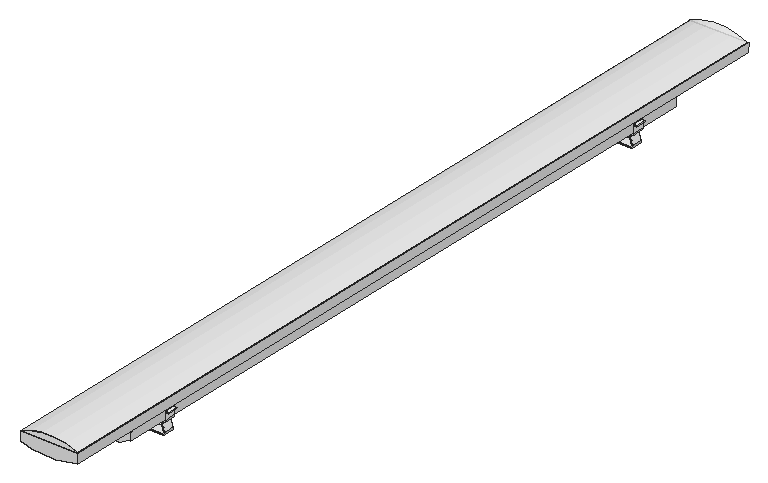
Revit family "Lighting-Industriale-GEWISS-SMART[3]-PLAFONIERA-LED_TRASPARENTE_1600mm", category Apparecchi per illuminazione, host Superficie, Revit 2019
Family settings
  Host = Superficie
  Quota connettore circolare = Usa diametro
  Tipo di parte = Normale
  Taglio con vuoti quando caricato = No
  Sorgente d'illuminazione = No
  Condiviso = No
  Punto di calcolo locali = Sì
Parameters (values of type "GWS3158TD - SMART3 LED 1600 1X58 TRASPAR.DALI")
  Versione file RFA = "20.11"
  URL = "https://www.gewiss.com/it/it"
  Tipologia sorgente luminosa = "LED - Non sostituibile"
  Tipologia = "DALI"
  Tipo alimentatore = "Driver Led in corrente continua"
  Tensione = "220/240 V - 50/60 Hz - Dali"
  Temperatura di utilizzo = "-30 +50 °C"
  Temperatura di funzionamento = "-25 +50 °C"
  Temperatura di colore: = "4000 K (CRI 80)"
  Temperatura di colore = "4000 K (CRI 80)"
  Struttura = GEWISS - SMART 3 - GRIGIO
  Stampa 1_200 = no
  Stampa 1_100 = not(Stampa 1_200)  # yes
  Spostamento_Y_etichetta [instance] = 0 mm
  Spostamento_Y_effettivo_etichetta [instance] = 1500 mm - Spostamento_Y_etichetta  # 1500 mm
  Spostamento_X_etichetta [instance] = 0 mm
  Spostamento_X_effettivo_etichetta [instance] = 1500 mm - Spostamento_X_etichetta  # 1500 mm
  Schermo- = Gewiss - Led Acceso
  Schermo = "Trasparente"
  Scheda Tecnica = "https://www.gewiss.com/it/it/search?q=GWS3158TD"
  SEO = "Plafoniera"
  Resistenza agli urti = "IK08"
  Default Elevation = 1219.2 mm
  Produttore = "GEWISS S.p.A."
  Potenza di sistema = "26W"
  Peso (kg): = "2,5"
  NÂ° LED (#) = "72"
  Modello = "GWS3158TD"
  Lunghezza Lampada = 1600 mm  # constant formula
  Lunghezza = "1600 mm"
  Lumen output (lm) = "3400"
  Lampada: = "LED"
  Lampada = "LED"
  LED LifeTime (L80B20) = "85000H"
  LED Life time (L90B50) = "50000H"
  LED Life time (L80B50) = "100000H"
  LED Life time (L70) = "80000H"
  Immagine tipo = GWS3158T.jpg
  IFC.TypeObject = ""
  IFC.ExportType = ""
  IFC.ExportAs = ""
  IDT = "fad509ce-101b-4a7a-befe-b015b7d6ede8"
  IDF = "ec075b24-a116-4a18-9c14-fe6cdf187fcb"
  Grado di protezione = "IP66/IP69"
  Glow Wire Test = "850°C"
  Garanzia = "5 anni"
  Ganci = GEWISS  - ALLUMINIO
  Flusso nominale (lm) = "3700"
  Failure rate apparecchio (50.000h, Tq=25Â° C) = "<2,5%"
  Failure rate apparecchio (35.000h, Tq=35Â° C) = "<2,5%"
  Descrizione = "SMART3 1600 72LED 27W TRASPARENTE DALI 4000K"
  Creato da GEWISS S.p.A. = ""
  Codice Electrocod = "2434"
  Codice EAN = "8011564869141"
  Classe isolamento = "II"
  Classe di efficienza LED integrati = "A ÷ A++"
  Catalogo Serie = "SMART [3]"
  Catalogo = "LIGHTING"
  COBie.Tagnumber = ""
  COBie.CreatedOn = ""
  COBie.CreatebBy = ""
  COBie.ComponentRegisterItemID = ""
  COBie.Component.TagNumber = ""
  COBie.Component.Space = ""
  COBie.Component.SerialNumber = ""
  COBie.Component.InstallationDate = ""
  COBie.Component.Description = ""
  COBie.Component.BarCode = ""
  Applicazione = "Interno"
  Apparecchio a ridotta temperatura superficiale = "Conforme"
Types (17, lengths in mm): name | Tipologia | Tensione | Temperatura di colore: | Temperatura di colore | Schermo | Scheda Tecnica | Potenza di sistema | NÂ° LED (#) | Modello | Lumen output (lm) | IDT | Flusso nominale (lm) | Descrizione | Codice EAN
  (no name) | "DALI" | "220/240 V - 50/60 Hz - Dali" | "4000 K (CRI 80)" | "4000 K (CRI 80)" | "Trasparente" | "https://www.gewiss.com/it/it/search?q=GWS3158TD" | "26W" | "72" | "GWS3158TD" | "3400" | "fad509ce-101b-4a7a-befe-b015b7d6ede8" | "3700" | "SMART3 1600 72LED 27W TRASPARENTE DALI 4000K" | "8011564869141"
  GWS3158T - SMART3 LED 1600 1X58 TRASPAR. | "Stand alone" | "220/240 V - 50/60 Hz - Stand alone" | "4000 K (CRI 80)" | "4000 K (CRI 80)" | "Trasparente" | "https://www.gewiss.com/it/it/search?q=GWS3158T" | "26W" | "72" | "GWS3158T" | "3400" | "066f2335-f03f-4af7-bbdf-75d64e2a9c04" | "3700" | "SMART3 1600 72LED 26W TRASPARENTE 4000K" | "8011564857483"
  GWS3258T - SMART3 LED 1600 2X58 TRASPAR. | "Stand alone" | "220/240 V - 50/60 Hz - Stand alone" | "4000 K (CRI 80)" | "4000 K (CRI 80)" | "Trasparente" | "https://www.gewiss.com/it/it/search?q=GWS3258T" | "50W" | "84" | "GWS3258T" | "6500" | "4cdd0241-d215-4c1f-815a-b1c93386de50" | "6900" | "SMART3 1600 84LED 53W TRASPARENTE 4000K" | "8011564857513"
  GWS3258T30K - SMART3 LED 1600 2X58 TRASPAR.30K | "Stand alone" | "220/240 V - 50/60 Hz - Stand alone" | "3000 K (CRI 80)" | "3000 K (CRI 80)" | "Trasparente" | "https://www.gewiss.com/it/it/search?q=GWS3258T30K" | "50W" | "84" | "GWS3258T30K" | "6100" | "325b5c50-224b-4738-9fc0-25ba087131e3" | "6600" | "SMART3 1600 84LED 53W TRASPARENTE 3000K" | "8011564872561"
  GWS3258T57K - SMART3 LED 1600 2X58 TRASPAR.57K | "Stand alone" | "220/240 V - 50/60 Hz - Stand alone" | "5700 K (CRI 80)" | "5700 K (CRI 80)" | "Trasparente" | "https://www.gewiss.com/it/it/search?q=GWS3258T57K" | "50W" | "84" | "GWS3258T57K" | "6500" | "7db086ec-b3f1-4ab7-9915-efee839ad275" | "6900" | "SMART3 1600 84LED 53W TRASPARENTE 5700K" | "8011564872363"
  GWS3158TD - SMART3 LED 1600 1X58 TRASPAR.DALI | "DALI" | "220/240 V - 50/60 Hz - Dali" | "4000 K (CRI 80)" | "4000 K (CRI 80)" | "Trasparente" | "https://www.gewiss.com/it/it/search?q=GWS3158TD" | "26W" | "72" | "GWS3158TD" | "3400" | "fad509ce-101b-4a7a-befe-b015b7d6ede8" | "3700" | "SMART3 1600 72LED 27W TRASPARENTE DALI 4000K" | "8011564869141"
  GWS3158TL - SMART3 LED 1600 1X58 TRASPAR.LP | "Stand alone" | "220/240 V - 50/60 Hz - Stand alone" | "4000 K (CRI 80)" | "4000 K (CRI 80)" | "Trasparente" | "https://www.gewiss.com/it/it/search?q=GWS3158TL" | "26W" | "72" | "GWS3158TL" | "3400" | "ad557d36-df4f-4932-8f10-348deb7834fc" | "3700" | "SMART3 1600 72LED 26W TRASPARENTE CABLAGGIO PASSANTE 4000K" | "8011564876026"
  GWS3158TLD - SMART3 LED 1600 1X58 TRASPAR.DALI LP | "DALI" | "220/240 V - 50/60 Hz - Dali" | "4000 K (CRI 80)" | "4000 K (CRI 80)" | "Trasparente" | "https://www.gewiss.com/it/it/search?q=GWS3158TLD" | "26W" | "72" | "GWS3158TLD" | "3400" | "b052bf06-4341-4e81-a7b7-08e227eebc87" | "3700" | "SMART3 1600 72LED 27W TRASPARENTE CABLAGGIO PASSANTE DALI 4000K" | "8011564876996"
  GWS3258TD - SMART3 LED 1600 2X58 TRASPAR.DALI | "DALI" | "220/240 V - 50/60 Hz - Dali" | "4000 K (CRI 80)" | "4000 K (CRI 80)" | "Trasparente" | "https://www.gewiss.com/it/it/search?q=GWS3258TD" | "50W" | "84" | "GWS3258TD" | "6500" | "c13bb367-a2a7-4ade-ab3f-f5a6ac8cc10a" | "6900" | "SMART3 1600 84LED 55W TRASPARENTE DALI 4000K" | "8011564869172"
  GWS3258TD30K - SMART3 LED 1600 2X58 TRASPAR.DALI 30K | "DALI" | "220/240 V - 50/60 Hz - Dali" | "3000 K (CRI 80)" | "3000 K (CRI 80)" | "Trasparente" | "https://www.gewiss.com/it/it/search?q=GWS3258TD30K" | "50W" | "84" | "GWS3258TD30K" | "6100" | "81e36b92-3e98-4a8c-a723-41ede1d4d4c9" | "6600" | "SMART3 1600 84LED 55W TRASPARENTE DALI 3000K" | "8011564877214"
  GWS3258TD57K - SMART3 LED 1600 2X58 TRASPAR.DALI 57K | "DALI" | "220/240 V - 50/60 Hz - Dali" | "5700 K (CRI 80)" | "5700 K (CRI 80)" | "Trasparente" | "https://www.gewiss.com/it/it/search?q=GWS3258TD57K" | "50W" | "84" | "GWS3258TD57K" | "6500" | "8edf0d01-1cf1-4794-9f7b-07d2761047a4" | "6900" | "SMART3 1600 84LED 55W TRASPARENTE DALI 5700K" | "8011564877221"
  GWS3258TL - SMART3 LED 1600 2X58 TRASPAR.LP | "Stand alone" | "220/240 V - 50/60 Hz - Stand alone" | "4000 K (CRI 80)" | "4000 K (CRI 80)" | "Trasparente con cablaggio passante" | "https://www.gewiss.com/it/it/search?q=GWS3258TL" | "50W" | "84" | "GWS3258TL" | "6500" | "279edb7b-9f48-4b9a-a033-1cee137432b9" | "6900" | "SMART3 1600 84LED 53W TRASPARENTE CABLAGGIO PASSANTE 4000K" | "8011564876019"
  GWS3258TL30K - SMART3 LED 1600 2X58 TRASPAR.30K LP | "Stand alone" | "220/240 V - 50/60 Hz - Stand alone" | "3000 K (CRI 80)" | "3000 K (CRI 80)" | "Trasparente con cablaggio passante" | "https://www.gewiss.com/it/it/search?q=GWS3258TL30K" | "50W" | "84" | "GWS3258TL30K" | "6100" | "c5678d03-0c39-4ed2-aa1d-db6966d7895c" | "6600" | "SMART3 1600 84LED 53W TRASPARENTE CABLAGGIO PASSANTE 3000K" | "8011564877238"
  GWS3258TL57K - SMART3 LED 1600 2X58 TRASPAR.57K LP | "Stand alone" | "220/240 V - 50/60 Hz - Stand alone" | "5700 K (CRI 80)" | "5700 K (CRI 80)" | "Trasparente con cablaggio passante" | "https://www.gewiss.com/it/it/search?q=GWS3258TL57K" | "50W" | "84" | "GWS3258TL57K" | "6500" | "29417524-0e1e-449e-bbc7-dee1226abf64" | "6900" | "SMART3 1600 84LED 53W TRASPARENTE CABLAGGIO PASSANTE 5700K" | "8011564877245"
  GWS3258TLD - SMART3 LED 1600 2X58 TRASPAR.DALI LP | "DALI" | "220/240 V - 50/60 Hz - Dali" | "4000 K (CRI 80)" | "4000 K (CRI 80)" | "Trasparente" | "https://www.gewiss.com/it/it/search?q=GWS3258TLD" | "50W" | "84" | "GWS3258TLD" | "6500" | "ea1d6a33-a2cf-45e2-a91b-37e897663626" | "6900" | "SMART3 1600 84LED 55W TRASPARENTE CABLAGGIO PASSANTE DALI 4000K" | "8011564877252"
  GWS3258TLD30K - SMART3 LED 1600 2X58 TRASPAR.DALI 30K LP | "DALI" | "220/240 V - 50/60 Hz - Dali" | "3000 K (CRI 80)" | "3000 K (CRI 80)" | "Trasparente" | "https://www.gewiss.com/it/it/search?q=GWS3258TLD30K" | "50W" | "84" | "GWS3258TLD30K" | "6100" | "729ccefa-5ef9-4419-9430-5e5af7bd8625" | "6600" | "SMART3 1600 84LED 55W TRASPARENTE CABLAGGIO PASSANTE DALI 3000K" | "8011564877269"
  GWS3258TLD57K - SMART3 LED 1600 2X58 TRASPAR.DALI 57K LP | "DALI" | "220/240 V - 50/60 Hz - Dali" | "5700 K (CRI 80)" | "5700 K (CRI 80)" | "Trasparente" | "https://www.gewiss.com/it/it/search?q=GWS3258TLD57K" | "50W" | "84" | "GWS3258TLD57K" | "6500" | "26c707b7-8614-495c-95ca-304ffab4d2c7" | "6900" | "SMART3 1600 84LED 55W TRASPARENTE CABLAGGIO PASSANTE DALI 5700K" | "8011564877276"
Reference planes
  plane 1 "Centro (Fronte/Retro)": y = 0
  plane 2: z = 0
  plane 3 "Centro (Sinistra/Destra)": x = 0
  plane 4: x = -1500
  plane 5: y = -1500
  plane 6: x = 0
  plane 7: y = 0
Forms (mm)
  Extrusion 1, solid, material "GEWISS  - ALLUMINIO" <- "Ganci", detail levels medium+fine
    sketch origin (0, 0, 0) x (1, 0, 0) y (0, 0, 1)
      loop
        arc (31.431, -0.002) -> (34.576, 1.589) -> (35.156, 5.066) r 3.903
        line (35.156, 5.066) -> (29.612, 23.211)
        arc (29.612, 23.211) -> (29.883, 24.381) -> (31.032, 24.73) r 1.2
        line (31.032, 24.73) -> (34.307, 23.974)
        arc (34.307, 23.974) -> (36.765, 24.53) -> (37.859, 26.8) r 2.9
        line (37.859, 26.8) -> (37.859, 38.8)
        arc (37.859, 38.8) -> (37.648, 39.694) -> (37.059, 40.4) r 2
        line (37.059, 40.4) -> (37.059, 42.71) -> (42.861, 40.598) -> (43.203, 41.538) -> (37.53, 43.603)
        arc (37.53, 43.603) -> (37.019, 43.613) -> (36.605, 43.311) r 0.8
        line (36.605, 43.311) -> (36.306, 26.139)
        arc (36.306, 26.139) -> (35.6, 25.444) -> (34.616, 25.34) r 1.5
        line (34.616, 25.34) -> (31.344, 26.095)
        arc (31.344, 26.095) -> (28.858, 25.335) -> (28.273, 22.802) r 2.6
        line (28.273, 22.802) -> (33.827, 4.636)
        arc (33.827, 4.636) -> (33.449, 2.415) -> (31.438, 1.4) r 2.5
        line (31.438, 1.4) -> (-31.437, 1.4)
        arc (-31.437, 1.4) -> (-33.449, 2.415) -> (-33.827, 4.636) r 2.5
        line (-33.827, 4.636) -> (-28.273, 22.802)
        arc (-28.273, 22.802) -> (-28.858, 25.335) -> (-31.344, 26.095) r 2.6
        line (-31.344, 26.095) -> (-34.616, 25.34)
        arc (-34.616, 25.34) -> (-35.6, 25.444) -> (-36.306, 26.139) r 1.5
        line (-36.306, 26.139) -> (-36.605, 43.311)
        arc (-36.605, 43.311) -> (-37.019, 43.613) -> (-37.53, 43.603) r 0.8
        line (-37.53, 43.603) -> (-43.203, 41.538) -> (-42.861, 40.598) -> (-37.059, 42.71) -> (-37.059, 40.4)
        arc (-37.059, 40.4) -> (-37.648, 39.694) -> (-37.859, 38.8) r 2
        line (-37.859, 38.8) -> (-37.859, 26.8)
        arc (-37.859, 26.8) -> (-36.765, 24.53) -> (-34.307, 23.974) r 2.9
        line (-34.307, 23.974) -> (-31.032, 24.73)
        arc (-31.032, 24.73) -> (-29.883, 24.381) -> (-29.612, 23.211) r 1.2
        line (-29.612, 23.211) -> (-35.156, 5.066)
        arc (-35.156, 5.066) -> (-34.576, 1.589) -> (-31.431, -0.002) r 3.903
        line (-31.431, -0.002) -> (31.431, -0.002)
    from 548.766 to 568.766
  Extrusion 2, solid, material "GEWISS  - ALLUMINIO" <- "Ganci", detail levels medium+fine
    sketch origin (0, 0, 0) x (1, 0, 0) y (0, 0, -1)
      loop
        line (31.431, 0.002) -> (-31.431, 0.002)
        arc (-31.431, 0.002) -> (-34.576, -1.589) -> (-35.156, -5.066) r 3.903
        line (-35.156, -5.066) -> (-29.612, -23.211)
        arc (-29.612, -23.211) -> (-29.883, -24.381) -> (-31.032, -24.73) r 1.2
        line (-31.032, -24.73) -> (-34.307, -23.974)
        arc (-34.307, -23.974) -> (-36.765, -24.53) -> (-37.859, -26.8) r 2.9
        line (-37.859, -26.8) -> (-37.859, -38.8)
        arc (-37.859, -38.8) -> (-37.648, -39.694) -> (-37.059, -40.4) r 2
        line (-37.059, -40.4) -> (-37.059, -42.71) -> (-42.861, -40.598) -> (-43.203, -41.538) -> (-37.53, -43.603)
        arc (-37.53, -43.603) -> (-37.019, -43.613) -> (-36.605, -43.311) r 0.8
        line (-36.605, -43.311) -> (-36.306, -26.139)
        arc (-36.306, -26.139) -> (-35.6, -25.444) -> (-34.616, -25.34) r 1.5
        line (-34.616, -25.34) -> (-31.344, -26.095)
        arc (-31.344, -26.095) -> (-28.858, -25.335) -> (-28.273, -22.802) r 2.6
        line (-28.273, -22.802) -> (-33.827, -4.636)
        arc (-33.827, -4.636) -> (-33.449, -2.415) -> (-31.437, -1.4) r 2.5
        line (-31.437, -1.4) -> (31.438, -1.4)
        arc (31.438, -1.4) -> (33.449, -2.415) -> (33.827, -4.636) r 2.5
        line (33.827, -4.636) -> (28.273, -22.802)
        arc (28.273, -22.802) -> (28.858, -25.335) -> (31.344, -26.095) r 2.6
        line (31.344, -26.095) -> (34.616, -25.34)
        arc (34.616, -25.34) -> (35.6, -25.444) -> (36.306, -26.139) r 1.5
        line (36.306, -26.139) -> (36.605, -43.311)
        arc (36.605, -43.311) -> (37.019, -43.613) -> (37.53, -43.603) r 0.8
        line (37.53, -43.603) -> (43.203, -41.538) -> (42.861, -40.598) -> (37.059, -42.71) -> (37.059, -40.4)
        arc (37.059, -40.4) -> (37.648, -39.694) -> (37.859, -38.8) r 2
        line (37.859, -38.8) -> (37.859, -26.8)
        arc (37.859, -26.8) -> (36.765, -24.53) -> (34.307, -23.974) r 2.9
        line (34.307, -23.974) -> (31.032, -24.73)
        arc (31.032, -24.73) -> (29.883, -24.381) -> (29.612, -23.211) r 1.2
        line (29.612, -23.211) -> (35.156, -5.066)
        arc (35.156, -5.066) -> (34.576, -1.589) -> (31.431, 0.002) r 3.903
    from 548.766 to 568.766
  Extrusion 3, solid, material "GEWISS - SMART 3 - GRIGIO" <- "Struttura", detail levels medium+fine
    sketch origin (0, 0, 0) x (1, 0, 0) y (0, 0, 1)
      loop
        line (-36.331, 55.757) -> (-35.847, 28.018)
        arc (-35.847, 28.018) -> (-33.139, 27.27) -> (-30.416, 26.58) r 129.5
        arc (-30.416, 26.58) -> (-28.066, 25.76) -> (-25.915, 24.506) r 13
        arc (-25.915, 24.506) -> (-24.23, 23.324) -> (-22.521, 22.178) r 99.5
        arc (-22.521, 22.178) -> (-16.401, 19.063) -> (-9.748, 17.365) r 31.146
        line (-9.748, 17.365) -> (12.491, 17.365)
        arc (12.491, 17.365) -> (17.822, 19.098) -> (22.764, 21.745) r 31.646
        arc (22.764, 21.745) -> (24.509, 22.915) -> (26.228, 24.122) r 100
        arc (26.228, 24.122) -> (28.283, 25.313) -> (30.525, 26.095) r 12.5
        arc (30.525, 26.095) -> (33.437, 26.834) -> (36.332, 27.64) r 130
        line (36.332, 27.64) -> (36.824, 55.851)
        arc (36.824, 55.851) -> (24.914, 53.937) -> (12.909, 52.764) r 195.047
        line (12.909, 52.764) -> (-12.909, 52.764)
        arc (-12.909, 52.764) -> (-24.665, 53.905) -> (-36.331, 55.757) r 195.047
    from -650 to 650
  Extrusion 4, solid, material "GEWISS - SMART 3 - GRIGIO" <- "Struttura", detail levels medium+fine
    sketch origin (0, 0, 0) x (1, 0, 0) y (0, 0, 1)
      loop
        line (54.725, 60.184) -> (55.177, 77.445) -> (-55.177, 77.445) -> (-54.725, 60.184)
        arc (-54.725, 60.184) -> (-34.019, 55.332) -> (-12.909, 52.764) r 195.047
        line (-12.909, 52.764) -> (12.909, 52.764)
        arc (12.909, 52.764) -> (34.019, 55.332) -> (54.725, 60.184) r 195.047
    from -800 to 800
  Extrusion 5, solid, material "Gewiss - Led Acceso" <- "Schermo-", detail levels medium+fine
    sketch origin (0, 0, 0) x (1, 0, 0) y (0, 0, 1)
      loop
        arc (54.697, 78.441) -> (-0.014, 90.457) -> (-54.723, 78.429) r 130.5
        arc (-54.723, 78.429) -> (-54.988, 77.838) -> (-54.5, 77.445) r 0.5
        line (-54.5, 77.445) -> (54.479, 77.445)
        arc (54.479, 77.445) -> (54.988, 77.855) -> (54.697, 78.441) r 0.522
    from -800 to 800
  Extrusion 6, solid, material "GEWISS - SMART 3 - GRIGIO" <- "Struttura", detail levels medium
    sketch origin (0, 0, 0) x (1, 0, 0) y (0, 0, 1)
      loop
        line (-54.5, 90.439) -> (-54.5, 0) -> (54.5, 0) -> (54.5, 90.439) -> (-54.5, 90.439)
    from -800 to 800
Lines and regions (mm)
  Masking region 1
    outline origin (0, 0, 0) x (1, 0, 0) y (0, 1, 0)
      loop
        line (-55.177, 800) -> (-55.177, -800) -> (55.177, -800) -> (55.177, 800) -> (-55.177, 800)
  model lines, style "GEWISS - LIGHT 2D", detail levels coarse
    curve 1: arc (-52.678, 800, 0) -> (-54.446, 799.268, 0) -> (-55.178, 797.5, 0) r 2.5
    curve 2: line (55.176, 800, 0) -> (-52.678, 800, 0)
    curve 3: line (-55.178, -188.779, 0) -> (55.176, -188.779, 0)
    curve 4: line (55.176, -188.779, 0) -> (55.176, 800, 0)
    curve 5: line (-55.178, -188.779, 0) -> (-55.178, 797.5, 0)
    curve 6: line (0, 575.964, 0) -> (0, -157.815, 0)
    curve 253: arc (-52.678, -188.779, 0) -> (-54.446, -188.047, 0) -> (-55.178, -186.279, 0) r 2.5
  model lines, style "GEWISS - LIGHT 2D", not visible, detail levels medium+fine
    curve 7: arc (599.156, 237.359, 0) -> (604.568, 231.947, 0) -> (609.98, 237.359, 0) r 5.412
    curve 12: arc (581.804, 237.359, 0) -> (582.83, 230.601, 0) -> (585.816, 224.453, 0) r 22.764
    curve 13: arc (623.32, 224.453, 0) -> (626.306, 230.601, 0) -> (627.332, 237.359, 0) r 22.764
    curve 14: arc (609.98, -154.35, 0) -> (604.568, -148.937, 0) -> (599.156, -154.35, 0) r 5.412
    curve 20: arc (585.816, -141.444, 0) -> (582.83, -147.592, 0) -> (581.804, -154.35, 0) r 22.764
    curve 21: arc (627.332, -154.35, 0) -> (626.306, -147.592, 0) -> (623.32, -141.444, 0) r 22.764
    curve 28: line (581.804, 248.502, 0) -> (581.804, 237.359, 0)
    curve 29: line (581.804, 237.359, 0) -> (599.156, 237.359, 0)
    curve 30: line (599.156, 237.359, 0) -> (599.156, 248.502, 0)
    curve 31: line (599.156, 256.809, 0) -> (599.156, 262.193, 0)
    curve 32: line (609.98, 248.502, 0) -> (609.98, 237.359, 0)
    curve 33: line (609.98, 237.359, 0) -> (627.332, 237.359, 0)
    curve 34: line (627.332, 237.359, 0) -> (627.332, 248.502, 0)
    curve 45: line (581.804, -154.35, 0) -> (581.804, -165.498, 0)
    curve 46: line (581.804, -165.498, 0) -> (581.804, -154.35, 0)
    curve 47: line (581.804, -154.35, 0) -> (599.156, -154.35, 0)
    curve 48: line (599.156, -154.35, 0) -> (599.156, -165.498, 0)
    curve 49: line (609.98, -165.498, 0) -> (609.98, -154.35, 0)
    curve 50: line (609.98, -154.35, 0) -> (627.332, -154.35, 0)
    curve 51: line (627.332, -154.35, 0) -> (627.332, -165.498, 0)
    curve 52: line (627.332, -165.498, 0) -> (627.332, -154.35, 0)
    curve 53: line (609.98, -179.249, 0) -> (609.98, -173.749, 0)
    curve 56: line (599.156, -179.191, 0) -> (599.156, -173.807, 0)
    curve 100: circle (617.836, 259.501, 0) r 1.5 normal (0, 0, 1)
    curve 101: circle (591.836, 259.501, 0) r 1.5 normal (0, 0, 1)
    curve 102: arc (610.218, 256.751, 0) -> (612.968, 259.501, 0) -> (610.218, 262.251, 0) r 2.75
    curve 103: arc (599.718, 262.251, 0) -> (596.968, 259.501, 0) -> (599.718, 256.751, 0) r 2.75
    curve 108: circle (617.836, -176.499, 0) r 1.5 normal (0, 0, 1)
    curve 109: circle (591.836, -176.499, 0) r 1.5 normal (0, 0, 1)
    curve 110: arc (610.218, -179.249, 0) -> (612.968, -176.499, 0) -> (610.218, -173.749, 0) r 2.75
    curve 111: arc (599.718, -173.749, 0) -> (596.968, -176.499, 0) -> (599.718, -179.249, 0) r 2.75
    curve 190: line (599.718, 262.251, 0) -> (610.218, 262.251, 0)
    curve 191: line (599.718, 256.751, 0) -> (610.218, 256.751, 0)
    curve 200: line (599.718, -173.749, 0) -> (610.218, -173.749, 0)
    curve 201: line (599.718, -179.249, 0) -> (610.218, -179.249, 0)
    curve 220: line (604.568, 230.323, 0) -> (604.568, 244.394, 0)
    curve 221: line (611.603, 237.359, 0) -> (597.532, 237.359, 0)
    curve 222: line (604.568, -161.385, 0) -> (604.568, -147.314, 0)
    curve 223: line (611.603, -154.35, 0) -> (597.532, -154.35, 0)
    curve 229: line (617.836, 257.551, 0) -> (617.836, 261.451, 0)
    curve 230: line (619.786, 259.501, 0) -> (615.886, 259.501, 0)
    curve 231: line (591.836, 257.551, 0) -> (591.836, 261.451, 0)
    curve 232: line (593.786, 259.501, 0) -> (589.886, 259.501, 0)
    curve 233: line (603.293, 259.501, 0) -> (596.143, 259.501, 0)
    curve 234: line (610.218, 255.926, 0) -> (610.218, 263.076, 0)
    curve 235: line (613.793, 259.501, 0) -> (606.643, 259.501, 0)
    curve 236: line (617.836, -178.449, 0) -> (617.836, -174.549, 0)
    curve 237: line (619.786, -176.499, 0) -> (615.886, -176.499, 0)
    curve 238: line (591.836, -178.449, 0) -> (591.836, -174.549, 0)
    curve 239: line (593.786, -176.499, 0) -> (589.886, -176.499, 0)
    curve 240: line (599.718, -180.074, 0) -> (599.718, -172.924, 0)
    curve 241: line (603.293, -176.499, 0) -> (596.143, -176.499, 0)
    curve 242: line (610.218, -180.074, 0) -> (610.218, -172.924, 0)
    curve 243: line (613.793, -176.499, 0) -> (606.643, -176.499, 0)
    curve 244: arc (585.816, 224.453, 0) -> (604.568, 218.168, 0) -> (623.32, 224.453, 0) r 31.118
    curve 245: arc (623.32, -141.444, 0) -> (604.568, -135.159, 0) -> (585.816, -141.444, 0) r 31.118
  model lines, style "GEWISS - LIGHT 2D", not visible
    curve 8: arc (642.177, 315.223, 0) -> (641.755, 316.267, 0) -> (640.725, 316.723, 0) r 1.499
    curve 9: arc (640.726, -233.714, 0) -> (641.755, -233.258, 0) -> (642.177, -232.214, 0) r 1.499
    curve 10: arc (568.41, 316.723, 0) -> (567.381, 316.267, 0) -> (566.959, 315.223, 0) r 1.499
    curve 11: arc (566.959, -232.214, 0) -> (567.38, -233.258, 0) -> (568.409, -233.714, 0) r 1.499
    curve 22: line (568.41, 316.723, 0) -> (592.409, 317.119, 0)
    curve 23: line (592.409, 317.119, 0) -> (595.819, 317.196, 0)
    curve 24: line (595.819, 317.196, 0) -> (604.587, 317.348, 0)
    curve 25: line (604.587, 317.348, 0) -> (613.319, 317.196, 0)
    curve 26: line (613.319, 317.196, 0) -> (616.729, 317.119, 0)
    curve 27: line (616.729, 317.119, 0) -> (640.725, 316.723, 0)
    curve 35: line (568.409, -233.714, 0) -> (604.582, -234.348, 0)
    curve 36: line (604.582, -234.348, 0) -> (640.726, -233.714, 0)
    curve 37: line (642.177, -187.498, 0) -> (642.177, -232.214, 0)
    curve 38: line (642.177, 248.502, 0) -> (642.177, -165.498, 0)
    curve 39: line (642.177, 315.223, 0) -> (642.177, 270.502, 0)
    curve 40: line (566.959, 315.223, 0) -> (566.959, 270.502, 0)
    curve 41: line (566.959, 248.502, 0) -> (566.959, -165.498, 0)
    curve 42: line (566.959, -187.498, 0) -> (566.959, -232.214, 0)
    curve 43: line (604.549, -234.347, 0) -> (604.569, -233.348, 0)
    curve 44: line (604.569, -233.348, 0) -> (604.549, -234.347, 0)
    curve 54: line (609.989, -233.253, 0) -> (609.98, -232.753, 0)
    curve 55: line (609.98, -232.753, 0) -> (609.98, -187.498, 0)
    curve 57: line (599.147, -233.253, 0) -> (599.156, -232.753, 0)
    curve 58: line (599.156, -232.753, 0) -> (599.156, -187.498, 0)
    curve 59: line (604.568, -232.848, 0) -> (604.569, -233.348, 0)
    curve 60: line (604.569, -233.348, 0) -> (604.568, -232.848, 0)
    curve 75: arc (658.224, 441.447, 0) -> (657.902, 441.529, 0) -> (657.571, 441.558, 0) r 1.999
    curve 77: arc (659.744, 439.503, 0) -> (659.172, 440.906, 0) -> (657.781, 441.505, 0) r 1.998
    curve 78: arc (549.391, -356.494, 0) -> (549.963, -357.897, 0) -> (551.356, -358.495, 0) r 1.998
    curve 104: spline (648.539, 268.506, 0) -> (648.523, 268.767, 0) -> (648.475, 269.023, 0) -> (648.396, 269.27, 0) -> (648.287, 269.504, 0) -> (648.151, 269.721, 0) -> (647.989, 269.918, 0) -> (647.804, 270.09, 0) -> (647.599, 270.235, 0) -> (647.379, 270.35, 0) -> (647.146, 270.434, 0) -> (646.905, 270.485, 0) -> (646.66, 270.502, 0)
    curve 105: spline (646.66, 248.502, 0) -> (646.905, 248.519, 0) -> (647.146, 248.57, 0) -> (647.379, 248.654, 0) -> (647.599, 248.77, 0) -> (647.804, 248.916, 0) -> (647.989, 249.089, 0) -> (648.151, 249.286, 0) -> (648.287, 249.504, 0) -> (648.396, 249.739, 0) -> (648.475, 249.987, 0) -> (648.523, 250.245, 0) -> (648.539, 250.506, 0)
    curve 106: spline (561.397, 250.501, 0) -> (561.413, 250.24, 0) -> (561.461, 249.984, 0) -> (561.54, 249.736, 0) -> (561.648, 249.502, 0) -> (561.785, 249.284, 0) -> (561.947, 249.087, 0) -> (562.132, 248.915, 0) -> (562.336, 248.77, 0) -> (562.557, 248.654, 0) -> (562.79, 248.57, 0) -> (563.031, 248.519, 0) -> (563.276, 248.502, 0)
    curve 107: spline (563.276, 270.502, 0) -> (563.031, 270.485, 0) -> (562.79, 270.434, 0) -> (562.557, 270.35, 0) -> (562.336, 270.234, 0) -> (562.132, 270.089, 0) -> (561.947, 269.916, 0) -> (561.785, 269.72, 0) -> (561.648, 269.502, 0) -> (561.54, 269.267, 0) -> (561.461, 269.019, 0) -> (561.413, 268.763, 0) -> (561.397, 268.502, 0)
    curve 112: spline (648.539, -167.494, 0) -> (648.523, -167.233, 0) -> (648.475, -166.977, 0) -> (648.396, -166.73, 0) -> (648.287, -166.496, 0) -> (648.151, -166.279, 0) -> (647.989, -166.083, 0) -> (647.804, -165.911, 0) -> (647.599, -165.766, 0) -> (647.379, -165.65, 0) -> (647.146, -165.566, 0) -> (646.905, -165.515, 0) -> (646.66, -165.498, 0)
    curve 113: spline (646.66, -187.498, 0) -> (646.905, -187.481, 0) -> (647.146, -187.43, 0) -> (647.379, -187.346, 0) -> (647.599, -187.23, 0) -> (647.804, -187.084, 0) -> (647.989, -186.911, 0) -> (648.151, -186.714, 0) -> (648.287, -186.496, 0) -> (648.396, -186.261, 0) -> (648.475, -186.012, 0) -> (648.523, -185.755, 0) -> (648.539, -185.494, 0)
    curve 114: spline (561.397, -185.499, 0) -> (561.413, -185.76, 0) -> (561.461, -186.016, 0) -> (561.54, -186.264, 0) -> (561.648, -186.498, 0) -> (561.785, -186.716, 0) -> (561.947, -186.912, 0) -> (562.132, -187.085, 0) -> (562.336, -187.23, 0) -> (562.557, -187.346, 0) -> (562.79, -187.43, 0) -> (563.031, -187.481, 0) -> (563.276, -187.498, 0)
    curve 115: spline (563.276, -165.498, 0) -> (563.031, -165.516, 0) -> (562.79, -165.567, 0) -> (562.557, -165.651, 0) -> (562.336, -165.766, 0) -> (562.132, -165.912, 0) -> (561.947, -166.084, 0) -> (561.785, -166.281, 0) -> (561.648, -166.499, 0) -> (561.54, -166.733, 0) -> (561.461, -166.981, 0) -> (561.413, -167.238, 0) -> (561.397, -167.499, 0)
    curve 116: arc (657.245, -358.546, 0) -> (659.012, -357.814, 0) -> (659.745, -356.046, 0) r 2.5
    curve 117: arc (551.891, 441.558, 0) -> (550.123, 440.825, 0) -> (549.391, 439.058, 0) r 2.5
    curve 148: line (657.571, 441.558, 0) -> (604.567, 441.558, 0)
    curve 149: line (604.567, 441.558, 0) -> (551.891, 441.558, 0)
    curve 150: line (551.356, -358.495, 0) -> (604.568, -358.495, 0)
    curve 151: line (604.568, -358.495, 0) -> (657.245, -358.495, 0)
    curve 163: line (599.147, -233.253, 0) -> (604.569, -233.348, 0)
    curve 164: line (604.569, -233.348, 0) -> (609.989, -233.253, 0)
    curve 165: line (659.745, -356.046, 0) -> (659.745, 439.503, 0)
    curve 166: line (657.781, 441.505, 0) -> (604.567, 441.505, 0)
    curve 167: line (549.391, -356.494, 0) -> (549.391, 439.058, 0)
    curve 192: line (642.696, 270.501, 0) -> (642.427, 270.501, 0)
    curve 193: line (563.481, 270.502, 0) -> (563.276, 270.502, 0)
    curve 194: line (563.276, 270.502, 0) -> (646.454, 270.502, 0)
    curve 195: line (646.454, 270.502, 0) -> (646.66, 270.502, 0)
    curve 196: line (563.481, 248.502, 0) -> (563.276, 248.502, 0)
    curve 197: line (646.454, 248.502, 0) -> (646.66, 248.502, 0)
    curve 198: line (648.539, 250.506, 0) -> (648.539, 268.506, 0)
    curve 199: line (561.397, 250.501, 0) -> (561.397, 268.501, 0)
    curve 202: line (646.66, -165.498, 0) -> (646.454, -165.498, 0)
    curve 203: line (646.454, -165.498, 0) -> (642.696, -165.498, 0)
    curve 204: line (642.696, -165.498, 0) -> (642.427, -165.498, 0)
    curve 205: line (642.427, -165.498, 0) -> (639.905, -165.498, 0)
    curve 206: line (639.905, -165.498, 0) -> (636.805, -165.498, 0)
    curve 207: line (636.805, -165.498, 0) -> (573.13, -165.498, 0)
    curve 208: line (573.13, -165.498, 0) -> (570.031, -165.498, 0)
    curve 209: line (570.031, -165.498, 0) -> (567.508, -165.498, 0)
    curve 210: line (567.508, -165.498, 0) -> (567.24, -165.498, 0)
    curve 211: line (567.24, -165.498, 0) -> (563.481, -165.498, 0)
    curve 212: line (563.481, -165.498, 0) -> (563.276, -165.498, 0)
    curve 213: line (563.276, -187.498, 0) -> (563.481, -187.498, 0)
    curve 214: line (563.481, -187.498, 0) -> (646.454, -187.498, 0)
    curve 215: line (646.454, -187.498, 0) -> (646.66, -187.498, 0)
    curve 216: line (642.696, -187.499, 0) -> (642.427, -187.499, 0)
    curve 217: line (648.539, -185.494, 0) -> (648.539, -167.494, 0)
    curve 218: line (561.397, -185.499, 0) -> (561.397, -167.499, 0)
    curve 225: line (604.569, 276.529, 0) -> (604.569, -193.52, 0)
    curve 246: line (646.454, 248.502, 0) -> (563.276, 248.502, 0)
  model lines, style "GEWISS - LIGHT 2D", not visible, detail levels fine
    curve 15: arc (621.884, 350.407, 0) -> (621.798, 350.225, 0) -> (621.768, 350.027, 0) r 0.678
    curve 16: arc (622.621, 351.453, 0) -> (622.246, 350.935, 0) -> (621.884, 350.407, 0) r 25.107
    curve 17: arc (623.611, 352.703, 0) -> (623.106, 352.086, 0) -> (622.621, 351.453, 0) r 25.491
    curve 18: arc (626.634, 356.042, 0) -> (625.055, 354.434, 0) -> (623.611, 352.703, 0) r 27.8
    curve 19: arc (628.933, 357.976, 0) -> (627.762, 357.034, 0) -> (626.634, 356.042, 0) r 34.286
    curve 61: line (595.819, 317.196, 0) -> (595.819, 331.194, 0)
    curve 62: line (595.819, 331.194, 0) -> (595.823, 331.698, 0)
    curve 63: line (613.319, 317.196, 0) -> (613.319, 331.194, 0)
    curve 64: line (613.319, 331.194, 0) -> (613.315, 331.698, 0)
    curve 65: line (601.188, 333.427, 0) -> (595.819, 333.381, 0)
    curve 66: line (595.819, 333.381, 0) -> (592.551, 333.351, 0)
    curve 67: line (621.768, 349.976, 0) -> (621.768, 349.703, 0)
    curve 68: line (618.568, 339.703, 0) -> (618.568, 340.003, 0)
    curve 69: line (618.568, 340.003, 0) -> (618.568, 349.403, 0)
    curve 70: line (618.568, 349.403, 0) -> (618.568, 349.703, 0)
    curve 71: line (626.634, 356.042, 0) -> (625.666, 357.327, 0)
    curve 72: line (625.666, 357.327, 0) -> (625.303, 357.809, 0)
    curve 73: arc (615.276, 335.364, 0) -> (616.055, 336.638, 0) -> (614.919, 337.608, 0) r 1.15
    curve 74: arc (594.228, 337.608, 0) -> (593.084, 336.643, 0) -> (593.862, 335.364, 0) r 1.15
    curve 76: arc (618.493, 319.316, 0) -> (619.321, 319.921, 0) -> (619.181, 320.937, 0) r 1
    curve 79: arc (592.532, 331.227, 0) -> (592.389, 331.582, 0) -> (592.037, 331.731, 0) r 0.5
    curve 80: arc (617.101, 331.731, 0) -> (616.749, 331.582, 0) -> (616.606, 331.227, 0) r 0.5
    curve 81: arc (617.805, 349.703, 0) -> (617.188, 349.635, 0) -> (616.597, 349.441, 0) r 3
    curve 82: arc (606.569, 342.058, 0) -> (605.632, 343.753, 0) -> (603.698, 343.859, 0) r 2
    curve 83: arc (599.084, 344.854, 0) -> (601.221, 343.569, 0) -> (603.698, 343.859, 0) r 3.86
    curve 84: arc (598.376, 346.791, 0) -> (598.558, 345.76, 0) -> (599.084, 344.854, 0) r 3
    curve 85: arc (605.757, 349.962, 0) -> (611.115, 348.406, 0) -> (616.597, 349.441, 0) r 12
    curve 86: arc (622.068, 349.403, 0) -> (621.98, 349.615, 0) -> (621.768, 349.703, 0) r 0.3
    curve 87: arc (620.003, 351.317, 0) -> (619.679, 350.57, 0) -> (619.569, 349.763, 0) r 3
    curve 88: arc (603.144, 334.726, 0) -> (600.795, 328.007, 0) -> (607.888, 327.419, 0) r 4.5
    curve 89: arc (603.144, 334.726, 0) -> (605.626, 336.549, 0) -> (606.569, 339.481, 0) r 5
    curve 90: arc (602.226, 350.998, 0) -> (599.524, 350.005, 0) -> (598.376, 347.367, 0) r 3.66
    curve 91: arc (605.757, 349.962, 0) -> (604.052, 350.686, 0) -> (602.226, 350.998, 0) r 8
    curve 92: arc (621.772, 339.703, 0) -> (621.999, 339.807, 0) -> (622.068, 340.048, 0) r 0.3
    curve 93: arc (618.568, 339.703, 0) -> (617.972, 339.652, 0) -> (617.393, 339.5, 0) r 3.5
    curve 94: arc (617.393, 339.5, 0) -> (612.456, 336.19, 0) -> (609.712, 330.917, 0) r 12
    curve 95: arc (607.888, 327.419, 0) -> (609.019, 329.054, 0) -> (609.712, 330.917, 0) r 8
    curve 96: arc (620.895, 352.703, 0) -> (620.493, 352.099, 0) -> (620.105, 351.485, 0) r 29.999
    curve 97: arc (625.281, 357.788, 0) -> (623.014, 355.448, 0) -> (621.015, 352.877, 0) r 30
    curve 98: arc (627.608, 359.734, 0) -> (626.431, 358.8, 0) -> (625.303, 357.809, 0) r 29.995
    curve 99: circle (604.569, 330.458, 0) r 2.1 normal (0, 0, 1)
    curve 118: line (589.422, 320.458, 0) -> (589.069, 320.811, 0)
    curve 119: line (589.069, 320.811, 0) -> (589.069, 322.709, 0)
    curve 120: line (589.069, 322.709, 0) -> (589.069, 323.958, 0)
    curve 121: line (589.069, 323.958, 0) -> (589.422, 323.958, 0)
    curve 122: line (589.422, 323.958, 0) -> (590.069, 323.958, 0)
    curve 123: line (590.069, 323.958, 0) -> (590.069, 324.958, 0)
    curve 124: line (590.069, 324.958, 0) -> (589.422, 324.958, 0)
    curve 125: line (589.422, 324.958, 0) -> (589.069, 324.958, 0)
    curve 126: line (589.069, 324.958, 0) -> (589.069, 328.104, 0)
    curve 127: line (589.069, 328.104, 0) -> (589.422, 328.458, 0)
    curve 128: line (589.422, 324.958, 0) -> (589.422, 328.458, 0)
    curve 129: line (589.422, 328.458, 0) -> (591.069, 328.458, 0)
    curve 130: line (591.069, 328.458, 0) -> (591.069, 322.54, 0)
    curve 131: line (591.069, 322.54, 0) -> (591.069, 320.458, 0)
    curve 132: line (591.069, 320.458, 0) -> (589.422, 320.458, 0)
    curve 133: line (589.422, 320.458, 0) -> (589.422, 322.54, 0)
    curve 134: line (589.422, 322.54, 0) -> (589.422, 323.958, 0)
    curve 135: line (606.208, 337.608, 0) -> (602.469, 337.608, 0)
    curve 136: line (602.469, 337.608, 0) -> (599.469, 337.608, 0)
    curve 137: line (599.469, 337.608, 0) -> (596.069, 337.608, 0)
    curve 138: line (596.069, 337.608, 0) -> (594.228, 337.608, 0)
    curve 139: line (606.469, 338.477, 0) -> (606.569, 341.457, 0)
    curve 140: line (606.469, 341.458, 0) -> (602.469, 341.458, 0)
    curve 141: line (602.469, 341.458, 0) -> (599.469, 341.458, 0)
    curve 142: line (599.469, 341.458, 0) -> (596.519, 341.458, 0)
    curve 143: line (596.519, 341.458, 0) -> (594.919, 341.458, 0)
    curve 144: line (594.919, 341.458, 0) -> (593.969, 341.458, 0)
    curve 145: line (593.969, 341.458, 0) -> (593.969, 337.58, 0)
    curve 146: line (614.019, 337.651, 0) -> (614.969, 337.606, 0)
    curve 147: line (614.969, 337.606, 0) -> (614.969, 338.32, 0)
    curve 152: line (604.55, 335.458, 0) -> (595.819, 335.382, 0)
    curve 153: line (595.819, 335.382, 0) -> (592.569, 335.353, 0)
    curve 154: line (592.569, 335.353, 0) -> (592.551, 333.351, 0)
    curve 155: line (616.587, 333.351, 0) -> (616.569, 335.353, 0)
    curve 156: line (616.569, 335.353, 0) -> (613.319, 335.381, 0)
    curve 157: line (613.319, 335.381, 0) -> (611.803, 335.395, 0)
    curve 158: line (592.515, 329.208, 0) -> (591.069, 329.208, 0)
    curve 159: line (591.069, 329.208, 0) -> (591.069, 319.708, 0)
    curve 160: line (591.069, 319.708, 0) -> (592.432, 319.708, 0)
    curve 161: line (618.493, 319.316, 0) -> (616.711, 319.145, 0)
    curve 162: line (616.667, 324.145, 0) -> (619.181, 320.937, 0)
    curve 168: line (610.544, 333.306, 0) -> (613.388, 333.281, 0)
    curve 169: line (613.388, 333.281, 0) -> (618.088, 333.24, 0)
    curve 170: line (618.088, 333.24, 0) -> (618.088, 331.74, 0)
    curve 171: line (618.088, 331.74, 0) -> (613.388, 331.699, 0)
    curve 172: line (613.388, 331.699, 0) -> (609.914, 331.668, 0)
    curve 173: line (600.232, 331.66, 0) -> (595.75, 331.699, 0)
    curve 174: line (595.75, 331.699, 0) -> (591.05, 331.74, 0)
    curve 175: line (591.05, 331.74, 0) -> (591.05, 333.24, 0)
    curve 176: line (591.05, 333.24, 0) -> (595.75, 333.281, 0)
    curve 177: line (595.75, 333.281, 0) -> (601.102, 333.328, 0)
    curve 178: line (592.409, 317.119, 0) -> (592.532, 331.227, 0)
    curve 179: line (616.729, 317.119, 0) -> (616.606, 331.227, 0)
    curve 180: line (621.768, 349.703, 0) -> (618.568, 349.703, 0)
    curve 181: line (618.568, 349.703, 0) -> (617.805, 349.703, 0)
    curve 182: line (606.569, 342.058, 0) -> (606.569, 339.481, 0)
    curve 183: line (598.376, 347.367, 0) -> (598.376, 346.791, 0)
    curve 184: line (618.568, 339.703, 0) -> (621.772, 339.703, 0)
    curve 185: line (622.068, 349.403, 0) -> (622.068, 340.048, 0)
    curve 186: line (620.002, 351.317, 0) -> (620.086, 351.453, 0)
    curve 187: line (621.015, 352.877, 0) -> (620.895, 352.703, 0)
    curve 188: line (628.933, 357.976, 0) -> (627.969, 359.255, 0)
    curve 189: line (627.969, 359.255, 0) -> (627.608, 359.734, 0)
    curve 219: line (589.258, 324.458, 0) -> (591.233, 324.458, 0)
    curve 224: line (592.659, 324.458, 0) -> (590.924, 324.458, 0)
    curve 226: line (604.569, 327.728, 0) -> (604.569, 333.188, 0)
    curve 227: line (607.299, 330.458, 0) -> (601.839, 330.458, 0)
    curve 228: line (618.568, 350.343, 0) -> (618.568, 339.063, 0)
  model lines, style "GEWISS - LIGHT 2D", not visible, detail levels coarse
    curve 247: arc (515.447, 800, 0) -> (513.679, 799.268, 0) -> (512.947, 797.5, 0) r 2.5
    curve 248: line (623.301, 800, 0) -> (515.447, 800, 0)
    curve 249: line (512.947, -800, 0) -> (623.301, -800, 0)
    curve 250: line (623.301, -800, 0) -> (623.301, 800, 0)
    curve 251: line (512.947, -800, 0) -> (512.947, 797.5, 0)
    curve 252: line (568.125, 575.964, 0) -> (568.125, -769.036, 0)
    curve 254: arc (515.447, -800, 0) -> (513.679, -799.268, 0) -> (512.947, -797.5, 0) r 2.5
  symbolic lines, style "GEWISS - LIGHT 2D"
    curve 255: line (0, 720, 0) -> (0, -660, 0)
Dimensions and locks
  plane 4 to plane 3 "Centro (Sinistra/Destra)" = 1500 mm
  "Spostamento_X_effettivo_etichetta": plane 4 to plane 6
  "Spostamento_Y_effettivo_etichetta": plane 7 to plane 5
  plane 1 "Centro (Fronte/Retro)" to plane 5 = 1500 mm
  aligned and locked: plane 2 to host face
  aligned and locked: level to host face
  aligned and locked: curve 6 to plane 3 "Centro (Sinistra/Destra)"
  aligned and locked: Masking region 1 sketch curve to curve 2
  aligned and locked: Masking region 1 sketch curve to Extrusion 4  (x3)
  aligned and locked: curve 255 to plane 3 "Centro (Sinistra/Destra)"
  aligned and locked: plane 6 to nested 1
  aligned and locked: nested 1 to plane 7
Automatic sketch dimensions
  host sketch curve to host sketch curve = 2438.4 mm  (x2)
  Extrusion 1 sketch curve to Extrusion 1 sketch curve = 0 mm  (x28)
  Extrusion 1 sketch curve to plane 3 "Centro (Sinistra/Destra)" = 43.203 mm
  level to Extrusion 1 sketch curve = 40.598 mm
  Extrusion 1 sketch curve to Extrusion 1 sketch curve = 0.342 mm  (x2)
  Extrusion 1 sketch curve to Extrusion 1 sketch curve = 5.002 mm  (x2)
  Extrusion 1 sketch curve to Extrusion 1 sketch curve = 0.329 mm
  Extrusion 1 sketch curve to Extrusion 1 sketch curve = 0.271 mm  (x2)
  Extrusion 1 sketch curve to Extrusion 1 sketch curve = 0.8 mm  (x2)
  Extrusion 1 sketch curve to Extrusion 1 sketch curve = 0.454 mm  (x2)
  Extrusion 1 sketch curve to Extrusion 1 sketch curve = 1.554 mm
  Extrusion 1 sketch curve to Extrusion 1 sketch curve = 2 mm
  level to Extrusion 1 sketch curve = 5.066 mm  (x2)
  Extrusion 1 sketch curve to Extrusion 1 sketch curve = 1.15 mm
  Extrusion 1 sketch curve to Extrusion 1 sketch curve = 1.346 mm  (x2)
  Extrusion 1 sketch curve to Extrusion 1 sketch curve = 0.343 mm  (x2)
  level to Extrusion 1 sketch curve = 4.636 mm  (x2)
  Extrusion 1 sketch curve to Extrusion 1 sketch curve = 1.329 mm  (x2)
  level to Extrusion 1 sketch curve = 1.4 mm
  Extrusion 1 sketch curve to Extrusion 1 sketch curve = 2.389 mm  (x2)
  Extrusion 1 sketch curve to Extrusion 1 sketch curve = 0.007 mm  (x2)
  Extrusion 1 sketch curve to Extrusion 1 sketch curve = 3.584 mm  (x2)
  Extrusion 1 sketch curve to Extrusion 1 sketch curve = 0.273 mm  (x2)
  plane 3 "Centro (Sinistra/Destra)" to Extrusion 1 sketch curve = 30.759 mm
  Extrusion 1 sketch curve to level = 0.002 mm
  Extrusion 1 sketch curve to Extrusion 1 sketch curve = 0.672 mm
  Extrusion 1 sketch curve to Extrusion 1 sketch curve = 0.9 mm
  level to Extrusion 1 sketch curve = 26.139 mm
  Extrusion 1 sketch curve to Extrusion 1 sketch curve = 0.746 mm
  Extrusion 1 sketch curve to Extrusion 1 sketch curve = 0.2 mm
  Extrusion 1 sketch curve to Extrusion 1 sketch curve = 2.577 mm
  Extrusion 1 sketch curve to Extrusion 1 sketch curve = 18.496 mm
  Extrusion 1 sketch curve to Extrusion 1 sketch curve = 1.169 mm  (x2)
  Extrusion 1 sketch curve to Extrusion 1 sketch curve = 0.799 mm  (x2)
  Extrusion 1 sketch curve to Extrusion 1 sketch curve = 0.609 mm
  Extrusion 1 sketch curve to Extrusion 1 sketch curve = 1.798 mm  (x2)
  Extrusion 1 sketch curve to Extrusion 1 sketch curve = 12 mm
  Extrusion 1 sketch curve to Extrusion 1 sketch curve = 0.94 mm  (x2)
  Extrusion 1 sketch curve to Extrusion 1 sketch curve = 0.14 mm  (x2)
  Extrusion 1 sketch curve to Extrusion 1 sketch curve = 0.309 mm  (x2)
  Extrusion 1 sketch curve to Extrusion 1 sketch curve = 0.312 mm  (x2)
  Extrusion 1 sketch curve to Extrusion 1 sketch curve = 1.148 mm  (x2)
  Extrusion 1 sketch curve to Extrusion 1 sketch curve = 1.339 mm
  Extrusion 1 sketch curve to Extrusion 1 sketch curve = 2.486 mm
  Extrusion 1 sketch curve to Extrusion 1 sketch curve = 0.409 mm  (x2)
  Extrusion 2 sketch curve to Extrusion 2 sketch curve = 0 mm  (x28)
  Extrusion 2 sketch curve to plane 3 "Centro (Sinistra/Destra)" = 43.203 mm
  level to Extrusion 2 sketch curve = 40.598 mm
  Extrusion 2 sketch curve to Extrusion 2 sketch curve = 0.342 mm  (x2)
  Extrusion 2 sketch curve to Extrusion 2 sketch curve = 5.002 mm  (x2)
  Extrusion 2 sketch curve to Extrusion 2 sketch curve = 0.329 mm
  Extrusion 2 sketch curve to Extrusion 2 sketch curve = 0.271 mm  (x2)
  Extrusion 2 sketch curve to Extrusion 2 sketch curve = 0.8 mm  (x2)
  Extrusion 2 sketch curve to Extrusion 2 sketch curve = 0.454 mm  (x2)
  Extrusion 2 sketch curve to Extrusion 2 sketch curve = 1.554 mm
  Extrusion 2 sketch curve to Extrusion 2 sketch curve = 2 mm
  level to Extrusion 2 sketch curve = 5.066 mm  (x2)
  Extrusion 2 sketch curve to Extrusion 2 sketch curve = 1.15 mm
  Extrusion 2 sketch curve to Extrusion 2 sketch curve = 1.346 mm  (x2)
  Extrusion 2 sketch curve to Extrusion 2 sketch curve = 0.343 mm  (x2)
  level to Extrusion 2 sketch curve = 4.636 mm  (x2)
  Extrusion 2 sketch curve to Extrusion 2 sketch curve = 1.329 mm  (x2)
  level to Extrusion 2 sketch curve = 1.4 mm
  Extrusion 2 sketch curve to Extrusion 2 sketch curve = 2.389 mm  (x2)
  Extrusion 2 sketch curve to Extrusion 2 sketch curve = 0.007 mm  (x2)
  Extrusion 2 sketch curve to Extrusion 2 sketch curve = 3.584 mm  (x2)
  Extrusion 2 sketch curve to Extrusion 2 sketch curve = 0.273 mm  (x2)
  plane 3 "Centro (Sinistra/Destra)" to Extrusion 2 sketch curve = 30.759 mm
  Extrusion 2 sketch curve to level = 0.002 mm
  Extrusion 2 sketch curve to Extrusion 2 sketch curve = 0.672 mm
  Extrusion 2 sketch curve to Extrusion 2 sketch curve = 0.9 mm
  level to Extrusion 2 sketch curve = 26.139 mm
  Extrusion 2 sketch curve to Extrusion 2 sketch curve = 0.746 mm
  Extrusion 2 sketch curve to Extrusion 2 sketch curve = 0.2 mm
  Extrusion 2 sketch curve to Extrusion 2 sketch curve = 14.46 mm
  Extrusion 2 sketch curve to Extrusion 2 sketch curve = 0.94 mm  (x2)
  Extrusion 2 sketch curve to Extrusion 2 sketch curve = 0.14 mm  (x2)
  Extrusion 2 sketch curve to Extrusion 2 sketch curve = 2.31 mm  (x2)
  Extrusion 2 sketch curve to Extrusion 2 sketch curve = 12 mm
  Extrusion 2 sketch curve to Extrusion 2 sketch curve = 0.661 mm  (x2)
  Extrusion 2 sketch curve to Extrusion 2 sketch curve = 0.609 mm  (x2)
  Extrusion 2 sketch curve to Extrusion 2 sketch curve = 1.169 mm  (x2)
  Extrusion 2 sketch curve to Extrusion 2 sketch curve = 0.309 mm  (x2)
  Extrusion 2 sketch curve to Extrusion 2 sketch curve = 0.312 mm  (x2)
  Extrusion 2 sketch curve to Extrusion 2 sketch curve = 1.148 mm  (x2)
  Extrusion 2 sketch curve to Extrusion 2 sketch curve = 1.339 mm
  Extrusion 2 sketch curve to Extrusion 2 sketch curve = 2.486 mm
  Extrusion 2 sketch curve to Extrusion 2 sketch curve = 1.365 mm  (x2)
  Extrusion 3 sketch curve to plane 3 "Centro (Sinistra/Destra)" = 36.331 mm
  Extrusion 3 sketch curve to Extrusion 3 sketch curve = 0.484 mm
  Extrusion 3 sketch curve to Extrusion 3 sketch curve = 2.34 mm
  Extrusion 3 sketch curve to plane 3 "Centro (Sinistra/Destra)" = 32.068 mm
  Extrusion 3 sketch curve to plane 3 "Centro (Sinistra/Destra)" = 12.909 mm
  Extrusion 3 sketch curve to plane 3 "Centro (Sinistra/Destra)" = 9.748 mm
  Extrusion 3 sketch curve to plane 3 "Centro (Sinistra/Destra)" = 5.421 mm
  Extrusion 3 sketch curve to plane 3 "Centro (Sinistra/Destra)" = 0.057 mm
  Extrusion 3 sketch curve to plane 3 "Centro (Sinistra/Destra)" = 0.007 mm
  Extrusion 3 sketch curve to plane 3 "Centro (Sinistra/Destra)" = 0.001 mm
  plane 3 "Centro (Sinistra/Destra)" to Extrusion 3 sketch curve = 0.057 mm
  plane 3 "Centro (Sinistra/Destra)" to Extrusion 3 sketch curve = 5.412 mm
  plane 3 "Centro (Sinistra/Destra)" to Extrusion 3 sketch curve = 12.491 mm
  Extrusion 3 sketch curve to Extrusion 3 sketch curve = 7.496 mm
  plane 3 "Centro (Sinistra/Destra)" to Extrusion 3 sketch curve = 32.059 mm
  Extrusion 3 sketch curve to Extrusion 3 sketch curve = 21.008 mm
  Extrusion 3 sketch curve to Extrusion 3 sketch curve = 2.833 mm
  Extrusion 3 sketch curve to Extrusion 3 sketch curve = 23.916 mm
  level to Extrusion 3 sketch curve = 13.953 mm  (x2)
  level to Extrusion 3 sketch curve = 17.365 mm  (x2)
  Extrusion 3 sketch curve to Extrusion 3 sketch curve = 13.687 mm
  Extrusion 3 sketch curve to Extrusion 3 sketch curve = 14.064 mm
  Extrusion 3 sketch curve to Extrusion 3 sketch curve = 30.844 mm
  Extrusion 3 sketch curve to Extrusion 3 sketch curve = 0 mm  (x3)
  Extrusion 3 sketch curve to Extrusion 3 sketch curve = 4.555 mm
  Extrusion 3 sketch curve to Extrusion 3 sketch curve = 2.993 mm
  Extrusion 3 sketch curve to Extrusion 3 sketch curve = 3.087 mm
  Extrusion 3 sketch curve to Extrusion 3 sketch curve = 49.52 mm
  Extrusion 3 sketch curve to Extrusion 3 sketch curve = 49.615 mm
  Extrusion 3 sketch curve to Extrusion 3 sketch curve = 47.089 mm
  Extrusion 3 sketch curve to Extrusion 3 sketch curve = 5.431 mm
  Extrusion 3 sketch curve to Extrusion 3 sketch curve = 4.5 mm
  Extrusion 3 sketch curve to Extrusion 3 sketch curve = 10.273 mm
  Extrusion 3 sketch curve to Extrusion 3 sketch curve = 3.465 mm
  Extrusion 3 sketch curve to Extrusion 3 sketch curve = 4.297 mm
  Extrusion 4 sketch curve to plane 3 "Centro (Sinistra/Destra)" = 55.177 mm
  Extrusion 4 sketch curve to Extrusion 4 sketch curve = 0.452 mm  (x2)
  Extrusion 4 sketch curve to plane 3 "Centro (Sinistra/Destra)" = 12.909 mm
  Extrusion 4 sketch curve to plane 3 "Centro (Sinistra/Destra)" = 0.057 mm
  plane 3 "Centro (Sinistra/Destra)" to Extrusion 4 sketch curve = 0.057 mm
  plane 3 "Centro (Sinistra/Destra)" to Extrusion 4 sketch curve = 12.909 mm
  Extrusion 4 sketch curve to Extrusion 4 sketch curve = 41.816 mm
  level to Extrusion 4 sketch curve = 52.764 mm
  Extrusion 4 sketch curve to Extrusion 4 sketch curve = 7.42 mm  (x2)
  Extrusion 4 sketch curve to Extrusion 4 sketch curve = 17.262 mm
  Extrusion 5 sketch curve to plane 3 "Centro (Sinistra/Destra)" = 0 mm
  Extrusion 5 sketch curve to plane 3 "Centro (Sinistra/Destra)" = 54.5 mm
  plane 3 "Centro (Sinistra/Destra)" to Extrusion 5 sketch curve = 54.479 mm
  Extrusion 5 sketch curve to level = 40.043 mm
  level to Extrusion 5 sketch curve = 77.445 mm
  Extrusion 5 sketch curve to Extrusion 5 sketch curve = 0.5 mm
  Extrusion 5 sketch curve to Extrusion 5 sketch curve = 0.522 mm
  Extrusion 5 sketch curve to Extrusion 5 sketch curve = 0.21 mm
  Extrusion 5 sketch curve to Extrusion 5 sketch curve = 0.014 mm
  Extrusion 5 sketch curve to Extrusion 5 sketch curve = 0 mm
  Extrusion 6 sketch curve to level = 0 mm
  Extrusion 6 sketch curve to plane 3 "Centro (Sinistra/Destra)" = 54.5 mm
  plane 3 "Centro (Sinistra/Destra)" to Extrusion 6 sketch curve = 54.5 mm
  Extrusion 6 sketch curve to Extrusion 6 sketch curve = 90.439 mm
  curve 6 to plane 3 "Centro (Sinistra/Destra)" = 0 mm
  curve 1 to plane 3 "Centro (Sinistra/Destra)" = 52.678 mm
  curve 253 to plane 3 "Centro (Sinistra/Destra)" = 52.678 mm
  curve 5 to curve 1 = 2.5 mm
  plane 3 "Centro (Sinistra/Destra)" to curve 2 = 55.176 mm
  plane 1 "Centro (Fronte/Retro)" to curve 5 = 188.779 mm
  curve 1 to plane 1 "Centro (Fronte/Retro)" = 797.5 mm
  curve 255 to curve 253 = 471.221 mm
  curve 253 to curve 6 = 28.464 mm
  curve 6 to curve 1 = 221.536 mm
  curve 255 to curve 1 = 77.5 mm
Nested families
  nested 1: "ETICHETTA WATTAGGIO" at (0, 0, 0), type "ETICHETTA WATTAGGIO"
Definition of nested family "ETICHETTA WATTAGGIO"
  Parameters (values of type "ETICHETTA WATTAGGIO")
    GW - Potenza di sistema = ""
    GW - Numero LED = ""
    COMMENTI = "13W"
    1_200 = no
    1_100 = yes
  Reference planes
    plane 1: y = 0
    plane 2: x = 0
  Text (mm)
    label "GW - Potenza di sistema\nGW - Numero LED LED" at (-0.057, -0.214, 0), shows "GW - Potenza di sistema", "GW - Numero LED", visible <- "1_100"
    label "GW - Potenza di sistema\nGW - Numero LED LED " at (-0.057, -0.214, 0), shows "GW - Potenza di sistema", "GW - Numero LED", visible <- "1_200"
